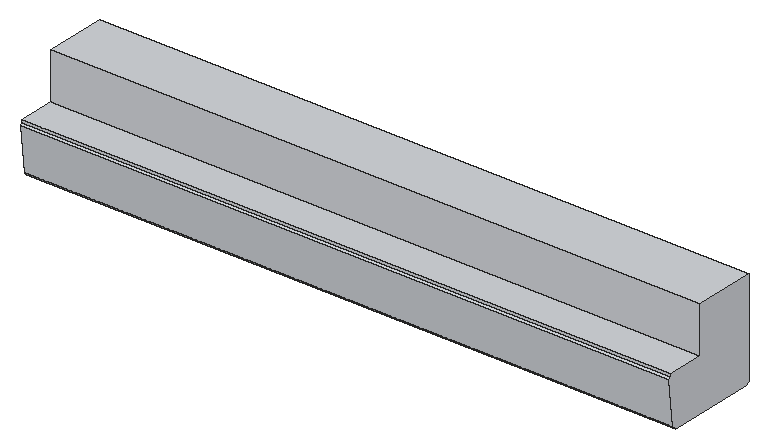
Revit family "Bjælke - KB(B)E", category Structural Framing, Revit 2019
Family settings
  Section Shape = Not Defined
  Material for Model Behavior = Other
  Always export as geometry = No
  OmniClass Number = 23.25.30.11.14.14
  OmniClass Title = Beams
  Always vertical = Yes
  Cut with Voids When Loaded = No
  Symbolic Representation = From Family
  Shared = No
  Show family pre-cut in plan views = Yes
Parameters (values of type "KBE 38/18")
  Model = if(Bredt Element, "KBBE", "KBE")  # "KBE"
  Kommentar = "Bred hylde kan kun udføres på bredt element"  # constant formula
  Hylde Højde 1 = 180 mm
  Hylde Bredde = if(and(Bredt Element, Bred Hylde), 200 mm, 150 mm)  # 150 mm
  CRH_RFA_TimeStamp_LastSave = 20200916  # constant formula
  CRH_RFA_TimeStamp_LastRelease = 20200916  # constant formula
  CRH_RFA_Bruger_LastSave = "KVN"  # constant formula
  CRH_RFA_Bruger_LastRelease = "KVN"  # constant formula
  Bredt Element = no
  Bredde 2 = if(Bredt Element, 170 mm, 110 mm)  # 110 mm
  Bredde = if(Bredt Element, 500 mm, 360 mm)  # 360 mm
  Structural Material [instance] = (empty or 0)
  Manufacturer = "CRH Concrete"  # constant formula
  Length [instance] = 3000 mm
  Højde = 380 mm
  Bred Hylde = no
Types (3, lengths in mm): name | Model | Bredt Element | Bredde 2 | Bredde
  (no name) | "KBE" | no | 110 | 360
  KBE 38/18 | "KBE" | no | 110 | 360
  KBBE 38/18 | "KBBE" | yes | 170 | 500
Reference planes
  plane 1 "Center (Front/Back)": y = 0
  plane 2 "Center Elevation": z = 0
  plane 3 "Center (Left/Right)": x = 0
  plane 4 "Left": x = -1500
  plane 5 "Member Left": x = -1250
  plane 6 "Stick Symbol Left": x = -1000
  plane 7 "Right": x = 1500
  plane 8 "Member Right": x = 1250
  plane 9 "Stick Symbol Right": x = 1000
Forms (mm)
  Sweep 1, solid
    path origin (0, 0, 0) x (1, 0, 0) y (0, 1, 0)
      loop
        line (-1250, 0) -> (1250, 0)
    profile "Profile-KBE : Profile-KBE" origin (0, 0, 0) x (0, 1, 0) y (0, 0, 1)
      loop
        line (-251.429, -368.571) -> (-240, -380) -> (100, -380) -> (110, -370) -> (110, 0) -> (-125, 0) -> (-125, -180) -> (-265, -180) -> (-265, -190) -> (-272.778, -197.778) -> (-251.429, -368.571)
Lines and regions (mm)
  model lines, style "Stick Symbols", not visible, detail levels coarse
    curve 1: line (-1000, 0, 0) -> (1000, 0, 0)
Dimensions and locks
  equal spacing: plane 4 "Left", plane 3 "Center (Left/Right)", plane 7 "Right"
  "Length": plane 4 "Left" to plane 7 "Right"
  aligned and locked: plane 1 "Center (Front/Back)" to curve 1
  aligned and locked: plane 6 "Stick Symbol Left" to curve 1
  aligned and locked: plane 9 "Stick Symbol Right" to curve 1
  aligned and locked: plane 2 "Center Elevation" to level
  aligned and locked: plane 1 "Center (Front/Back)" to Sweep 1 sketch curve
  aligned and locked: plane 5 "Member Left" to Sweep 1 sketch curve
  aligned and locked: plane 8 "Member Right" to Sweep 1 sketch curve
